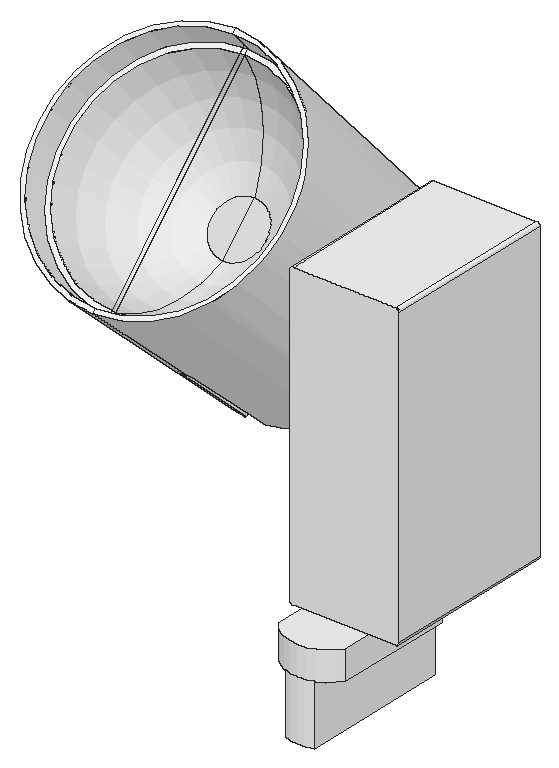
Revit family "0004936 Feilo Sylvania Lighting Fixture START TRACK SPOT L DALI 3562LM 940 WB WHT", category Lighting Fixtures, host Face, Revit 2017 (continued)
Definition of nested family "Start Track Spot Head"
  Types (96, lengths in mm): name | Wattage | built-in parameter 1150134 | Photometric Web File | Model | built-in parameter 1150105 | Lumens | built-in parameter 1150107 | built-in parameter 1150106 | HeadThickness_FEILO | HeadRibOffset_FEILO | HeadRibDepth_FEILO | HeadRibCutWidth_FEILO | HeadRibCutOffset_FEILO | HeadReflectorRadius_FEILO | HeadReflectorOffset_FEILO | HeadLEDRadius_FEILO | HeadHeight_FEILO | HeadDiffusorOffset_FEILO | HeadDiaOut_FEILO | HeadDiaIn_FEILO | HeadAxisFromTop_FEILO | Emit from Circle Diameter | built-in parameter 1150104 | Description | Apparent Load
    0004812 START TRACK SPOT S 14W 3K RA80 MB WHITE | 14 W | (empty or 0) | "0004812.ies" | "START TRACK SPOT S 14W 3K RA80 MB WHITE" | 120.32 (stored number, unit not read) | 1512 lm | 3000 (stored number, unit not read) | 1.2032 (stored number, unit not read) | 1.5 | 4.179 | 55.714 | 7.167 | 50.87 | 50.588 | 55.714 | 9.556 | 117 | 9.435 | 86 | 77.477 | 69.354 | 77.477 | 10.034 (stored number, unit not read) | "Integrated LED spotlight, Textured White - RAL9016, compact and minimalist design, ideal for retail applications, die-cast aluminium body, passive cooling heatsink. Beam angle: 36°, color temperature: 3000K , total system power: 14W, total fixture output: 1508 lm, LOR: 100%, colour rendering: Ra: 80 typical, LED Chromaticity: 3 step MacAdam ellipse, lifetime: >50000 hours at L70B50, energy class: A++, A+, A, IR/UV free light source without heat radiation, operating voltage: 220-240V / 50-60Hz, drive current: 350mA, electronic driver, non-dimmable, power factor: 0.92, electrical protection: Class II, Global Track 3 Phase adapter suitable for Global trac 3-circuit tracks, ingress protection rating: IP20, suitable for internal environment only, horizontal rotation: 355°, vertical tilt: 90°, dimensions: Ø86x140x200, weight: 0.940kg." | 14 VA
    0004811 START TRACK SPOT S 14W 3K RA80 NB WHITE | 14 W | (empty or 0) | "0004811.ies" | "START TRACK SPOT S 14W 3K RA80 NB WHITE" | 123.66 (stored number, unit not read) | 1554 lm | 3000 (stored number, unit not read) | 1.2366 (stored number, unit not read) | 1.5 | 4.179 | 55.714 | 7.167 | 50.87 | 50.588 | 55.714 | 9.556 | 117 | 9.435 | 86 | 77.477 | 69.354 | 77.477 | 10.312 (stored number, unit not read) | "Integrated LED spotlight, Textured White - RAL9016, compact and minimalist design, ideal for retail applications, die-cast aluminium body, passive cooling heatsink. Beam angle: 12°, color temperature: 3000K , total system power: 14W, total fixture output: 1551 lm, LOR: 100%, colour rendering: Ra: 80 typical, LED Chromaticity: 3 step MacAdam ellipse, lifetime: >50000 hours at L70B50, energy class: A++, A+, A, IR/UV free light source without heat radiation, operating voltage: 220-240V / 50-60Hz, drive current: 350mA, electronic driver, non-dimmable, power factor: 0.92, electrical protection: Class II, Global Track 3 Phase adapter suitable for Global trac 3-circuit tracks, ingress protection rating: IP20, suitable for internal environment only, horizontal rotation: 355°, vertical tilt: 90°, dimensions: Ø86x140x200, weight: 0.940kg." | 14 VA
  Reference planes
    plane 1 "Center (Front/Back)": y = 0
    plane 2: z = 0
    plane 3 "Center (Left/Right)": x = 0
    plane 4: x = 43
    plane 5: x = -43
    plane 6: x = -38.739
    plane 7: x = 38.739
    plane 8: z = 69.354
    plane 9: z = -47.646
    plane 10: x = -41.5
    plane 11: x = -37.239
    plane 12: z = -38.211
    plane 13: z = -35.211
    plane 14: z = 8.068
    plane 15: x = -9.556
    plane 16: x = -28.667
    plane 17: x = -19.111
    plane 18: x = -27.167
    plane 19: x = -17.611
    plane 20: x = -8.056
    plane 21: z = 13.64
    plane 22: x = -29.667
    plane 23: x = -26.167
    plane 24: x = -20.111
    plane 25: x = -16.611
    plane 26: x = -10.556
    plane 27: x = -7.056
    plane 28: x = -36.239
    plane 29: x = -40.5
    plane 30: z = 65.175
    plane 31: z = 60.997
    plane 32: z = 56.818
    plane 33: z = 18.484
    plane 34: y = -43
    plane 35: y = 43
    plane 36: y = 3.583
    plane 37: y = -3.583
    plane 38: y = -2.583
    plane 39: y = 2.583
    plane 40: y = 46
    plane 41: z = 13.5
    plane 42: z = -13.5
    plane 43: y = 39
    plane 44: x = 4.708
    plane 45: x = -2.458
    plane 46: x = -1.458
    plane 47: x = 1.458
  Forms (mm)
    Extrusion 1, solid
      sketch origin (4.2, 0, 0) x (1, 0, 0) y (0, 1, 0)
        loop
          line (-1219.2, 1219.2) -> (-1219.2, -1219.2) -> (1219.2, -1219.2) -> (1219.2, 1219.2) -> (-1219.2, 1219.2)
      from 0 to -68.017
    Revolve 2, solid, material <- "Material_1_FEILO", detail levels medium+fine
      sketch origin (0, 0, 0) x (1, 0, 0) y (0, 0, 1)
        loop
          line (-43, -47.646) -> (-41.5, -47.646) -> (-40.5, -35.211) -> (-38.739, -35.211)
          arc (-38.739, -35.211) -> (-30.16, -9.517) -> (-9.556, 8.068) r 50.588
          line (-9.556, 8.068) -> (0, 8.068) -> (0, 13.64) -> (-16.611, 13.64) -> (-17.611, 60.997) -> (-19.111, 60.997) -> (-20.111, 13.64) -> (-36.239, 13.64) -> (-37.239, 69.354) -> (-38.739, 69.354) -> (-43, -47.646)
        axis (0, 69.354) -> (0, -47.646)
      angle from 360 to 0
    Extrusion 3, void
      sketch origin (0, 0, 0) x (0, 1, 0) y (0, 0, 1)
        loop
          line (-3.583, 69.354) -> (-2.583, 18.484) -> (1.932, 18.484) -> (2.932, 69.354) -> (-3.583, 69.354)
      from 43 to -43
    Revolve 4, solid, material <- "Material_2_FEILO", detail levels medium+fine
      sketch origin (0, 0, 0) x (1, 0, 0) y (0, 0, 1)
        loop
          line (-41.5, -38.211) -> (0, -38.211) -> (0, -35.211) -> (-41.5, -35.211) -> (-41.5, -38.211)
        axis (0, -35.211) -> (0, -38.211)
      angle from 360 to 0
    Revolve 5, solid, material <- "Material_1_FEILO"
      sketch origin (0, 0, 0) x (0, 1, 0) y (0, 0, 1)
        loop
          line (46, 0) -> (39, 0) -> (39, -13.5) -> (46, -13.5) -> (46, 0)
        axis (39, 0) -> (46, 0)
      angle from 360 to 0
    Revolve 6, solid, material <- "Material_1_FEILO", detail levels medium+fine
      sketch origin (0, 0, 0) x (1, 0, 0) y (0, 0, 1)
        loop
          line (-29.667, 13.64) -> (-26.167, 13.64) -> (-27.167, 65.175) -> (-28.667, 65.175) -> (-29.667, 13.64)
        loop
          line (-10.556, 13.64) -> (-7.056, 13.64) -> (-7.833, 56.818) -> (-9.778, 56.818) -> (-10.556, 13.64)
        axis (0, 65.175) -> (0, 13.64)
      angle from 360 to 0
    Extrusion 7, void
      sketch origin (0, 0, 0) x (1, 0, 0) y (0, 0, 1)
        loop
          line (4.708, 69.354) -> (-2.458, 69.354) -> (-1.458, 13.64) -> (1.458, 13.64) -> (4.708, 69.354)
      from -43 to 43
    Revolve 8, solid, material <- "Material_1_FEILO", detail levels coarse
      sketch origin (0, 0, 0) x (1, 0, 0) y (0, 0, 1)
        loop
          line (0, 69.354) -> (-38.739, 69.354) -> (-43, -47.646) -> (-41.5, -47.646) -> (-40.731, -38.211) -> (0, -38.211) -> (0, 69.354)
        axis (0, 69.354) -> (0, -47.646)
      angle from 360 to 0
  Cuts and joins
    Extrusion 3 cuts Revolve 2
    Extrusion 7 cuts Revolve 6
  Dimensions and locks
    equal spacing: plane 7, plane 3 "Center (Left/Right)", plane 6
    equal spacing: plane 4, plane 3 "Center (Left/Right)", plane 5
    "HeadDiaOut_FEILO": plane 4 to plane 5
    "HeadDiaIn_FEILO": plane 7 to plane 6
    "HeadHeight_FEILO": plane 8 to plane 9
    "HeadThickness_FEILO": plane 10 to plane 5
    "HeadThickness_FEILO": plane 11 to plane 6
    "HeadDiffusorOffset_FEILO": plane 12 to plane 9
    "HeadDiffusorThickness_FEILO": plane 13 to plane 12
    "HeadReflectorOffset_FEILO": plane 14 to plane 9
    "HeadLEDRadius_FEILO": plane 3 "Center (Left/Right)" to plane 15
    "HeadLEDRadius_FEILO": plane 15 to plane 17
    "HeadLEDRadius_FEILO": plane 17 to plane 16
    "HeadThickness_FEILO": plane 18 to plane 16
    "HeadThickness_FEILO": plane 19 to plane 17
    "HeadThickness_FEILO": plane 20 to plane 15
    "HeadRibDepth_FEILO": plane 8 to plane 21
    "HeadDraft_FEILO": plane 16 to plane 22
    "HeadDraft_FEILO": plane 23 to plane 18
    "HeadDraft_FEILO": plane 17 to plane 24
    "HeadDraft_FEILO": plane 25 to plane 19
    "HeadDraft_FEILO": plane 15 to plane 26
    "HeadDraft_FEILO": plane 27 to plane 20
    "HeadDraft_FEILO": plane 29 to plane 10
    "HeadDraft_FEILO": plane 28 to plane 11
    "HeadRibOffset_FEILO": plane 8 to plane 30
    "HeadRibOffset_FEILO": plane 30 to plane 31
    "HeadRibOffset_FEILO": plane 31 to plane 32
    "HeadAxisFromTop_FEILO": plane 8 to plane 2
    "HeadRibCutOffset_FEILO": plane 8 to plane 33
    equal spacing: plane 34, plane 1 "Center (Front/Back)", plane 35
    "HeadDiaOut_FEILO": plane 34 to plane 35
    equal spacing: plane 38, plane 1 "Center (Front/Back)", plane 39
    equal spacing: plane 37, plane 1 "Center (Front/Back)", plane 36
    "HeadRibCutWidth_FEILO": plane 37 to plane 36
    "HeadDraft_FEILO": plane 37 to plane 38
    locked: plane 35 to plane 40 at 3
    equal spacing: plane 41, plane 2, plane 42
    locked: plane 42 to plane 41 at 27
    locked: plane 43 to plane 35 at 4
    equal spacing: plane 45, imposter light, plane 44
    "HeadDraft_FEILO": plane 46 to plane 45
    "HeadRibCutWidth_FEILO": plane 44 to plane 45
    equal spacing: plane 47, plane 3 "Center (Left/Right)", plane 46
    "HeadReflectorRadius_FEILO": radius of Revolve 2 sketch curve
    aligned and locked: plane 2 to Extrusion 1
    aligned and locked: level to Extrusion 1
    aligned and locked: Revolve 2 sketch curve to plane 3 "Center (Left/Right)"  (x2)
    aligned and locked: plane 9 to Revolve 2 sketch curve  (x2)
    aligned and locked: plane 5 to Revolve 2 sketch curve
    aligned and locked: plane 10 to Revolve 2 sketch curve
    aligned and locked: plane 14 to Revolve 2 sketch curve
    aligned and locked: plane 8 to Revolve 2 sketch curve
    aligned and locked: Revolve 2 sketch curve to plane 13
    aligned and locked: plane 12 to Revolve 4 sketch curve
    aligned and locked: plane 3 "Center (Left/Right)" to Revolve 4 sketch curve
    aligned and locked: Revolve 4 sketch curve to plane 10
    aligned and locked: Revolve 4 sketch curve to plane 3 "Center (Left/Right)"
    aligned and locked: plane 12 to imposter light
    aligned and locked: imposter light to plane 1 "Center (Front/Back)"
    aligned and locked: Revolve 5 sketch curve to plane 2
    aligned and locked: plane 43 to Revolve 5 sketch curve
    aligned and locked: plane 42 to Revolve 5 sketch curve
    aligned and locked: Revolve 6 sketch curve to plane 3 "Center (Left/Right)"
    aligned and locked: plane 22 to Revolve 6 sketch curve
    aligned and locked: plane 30 to Revolve 6 sketch curve
    aligned and locked: plane 23 to Revolve 6 sketch curve
    aligned and locked: Revolve 6 sketch curve to plane 21  (x2)
    aligned and locked: plane 21 to Revolve 6 sketch curve
    aligned and locked: plane 17 to Revolve 2 sketch curve
    aligned and locked: plane 19 to Revolve 2 sketch curve
    aligned and locked: plane 31 to Revolve 2 sketch curve
    aligned and locked: plane 21 to Revolve 2 sketch curve
    aligned and locked: Extrusion 3 to plane 8
    aligned and locked: plane 33 to Extrusion 3
    aligned and locked: plane 8 to Extrusion 3 sketch curve
    aligned and locked: Extrusion 3 sketch curve to plane 33
    aligned and locked: Extrusion 3 to plane 5
    aligned and locked: plane 4 to Extrusion 3
    aligned and locked: plane 32 to Revolve 6 sketch curve
    aligned and locked: plane 44 to Extrusion 7 sketch curve
    aligned and locked: Extrusion 7 sketch curve to plane 8
    aligned and locked: plane 46 to Extrusion 7 sketch curve
    aligned and locked: plane 21 to Extrusion 7 sketch curve
    aligned and locked: plane 34 to Extrusion 7
    aligned and locked: Extrusion 7 to plane 35
    aligned and locked: Revolve 4 sketch curve to plane 13
    aligned and locked: Revolve 5 sketch curve to plane 40
    aligned and locked: Revolve 8 sketch curve to plane 3 "Center (Left/Right)"
    aligned and locked: Revolve 8 sketch curve to cut or joined group of Revolve 2, Extrusion 3  (x3)
    aligned and locked: plane 5 to Revolve 8 sketch curve
    aligned and locked: plane 3 "Center (Left/Right)" to Revolve 8 sketch curve
    aligned and locked: plane 12 to Revolve 8 sketch curve
  Automatic sketch dimensions
    Extrusion 1 sketch curve to Extrusion 1 sketch curve = 2438.4 mm  (x2)
    Extrusion 3 sketch curve to plane 37 = 0 mm
    Extrusion 3 sketch curve to plane 38 = 0 mm
    plane 39 to Extrusion 3 sketch curve = 0.651 mm
    Extrusion 3 sketch curve to plane 39 = 0.349 mm
    Revolve 6 sketch curve to plane 16 = 0 mm
    Revolve 6 sketch curve to plane 18 = 0 mm
    Revolve 6 sketch curve to plane 26 = 0 mm
    Revolve 6 sketch curve to plane 27 = 0 mm
    Revolve 6 sketch curve to plane 15 = 0.222 mm
    plane 9 to Revolve 6 sketch curve = 559.103 mm
    Revolve 6 sketch curve to plane 8 = 2535.555 mm
    plane 20 to Revolve 6 sketch curve = 0.222 mm
    Revolve 2 sketch curve to plane 29 = 0 mm
    Revolve 2 sketch curve to plane 6 = 0 mm  (x2)
    Revolve 2 sketch curve to plane 11 = 0 mm
    Revolve 2 sketch curve to plane 21 = 0 mm
    Revolve 2 sketch curve to plane 28 = 0 mm
    Revolve 2 sketch curve to plane 24 = 0 mm
    Revolve 2 sketch curve to plane 25 = 0 mm
    Revolve 2 sketch curve to plane 15 = 0 mm
    Revolve 2 sketch curve to Revolve 2 sketch curve = 557.155 mm
    Revolve 2 sketch curve to plane 8 = 2535.558 mm
    Extrusion 7 sketch curve to plane 45 = 0 mm
    Extrusion 7 sketch curve to plane 47 = 0 mm
    plane 9 to Revolve 4 sketch curve = 559.103 mm
    Revolve 4 sketch curve to plane 8 = 2535.555 mm
    Revolve 5 sketch curve to level = 0 mm
    plane 34 to Revolve 5 sketch curve = 1968.092 mm
    Revolve 5 sketch curve to plane 40 = 1405.763 mm
    Revolve 8 sketch curve to plane 6 = 0 mm
    Revolve 8 sketch curve to plane 29 = 0.231 mm
    plane 9 to Revolve 8 sketch curve = 559.103 mm
    Revolve 8 sketch curve to Revolve 8 sketch curve = 2535.555 mm
Definition of nested family "Start Track Spot Box"
  Parameters (values of type "Type Large White")
    URL = "http://www.feilosylvania.com"
    Type Image = (empty or 0)
    Type Comments = "n/a"
    Small_FEILO = no
    Material_3_FEILO = none
    Model = ""
    Manufacturer = "Feilo Sylvania"
    Keynote = ""
    Material_2_FEILO = none
    Description = ""
    Default Elevation = 1219.2 mm
    Cost = 0
    Material_1_FEILO = none
    BoxWidth_FEILO = 49 mm
    BoxStartAngle_FEILO [instance] = 0.00°
    BoxRadius_FEILO = 1.5 mm
    BoxHeight_FEILO = if(Small_FEILO, 112 mm, 136 mm)  # 136 mm
    BoxEndAngle_FEILO [instance] = BoxStartAngle_FEILO - 180.00°  # -180.00°
    BoxDepth_FEILO = if(Small_FEILO, 71.5 mm, 79 mm)  # 79 mm
    BoxAxisVerticalOffset_FEILO = 16 mm
    BoxAxisOffset_FEILO = BoxHeight_FEILO / 6.8  # 20 mm
    Assembly Code = ""
    Material_4_FEILO = none
  Types (4, lengths in mm): name | Small_FEILO | BoxHeight_FEILO | BoxDepth_FEILO | BoxAxisOffset_FEILO
    Type Large White | no | 136 | 79 | 20
    Type Small White | yes | 112 | 71.5 | 16.471
    Type Small Black | yes | 112 | 71.5 | 16.471
    Type Large Black | no | 136 | 79 | 20
  Reference planes
    plane 1 "Center (Front/Back)": y = 0
    plane 2: z = 0
    plane 3 "Center (Left/Right)": x = 0
    plane 4: x = 24.5
    plane 5: x = -24.5
    plane 6: y = 68
    plane 7: y = -68
    plane 8: z = 39.5
    plane 9: z = -39.5
    plane 10: y = -48
    plane 11: x = 30.5
    plane 12: x = 8.5
    plane 13: x = 21.5
    plane 14: y = 70
    plane 15: y = 72
    plane 16: x = 19.5
  Forms (mm)
    Extrusion 1, solid
      sketch origin (4.2, 0, 0) x (1, 0, 0) y (0, 1, 0)
        loop
          line (-1219.2, 1219.2) -> (-1219.2, -1219.2) -> (1219.2, -1219.2) -> (1219.2, 1219.2) -> (-1219.2, 1219.2)
      from 0 to -68.017
    Extrusion 2, solid, material <- "Material_1_FEILO"
      sketch origin (0, 0, 0) x (1, 0, 0) y (0, 1, 0)
        loop
          arc (-23, 68) -> (-24.061, 67.561) -> (-24.5, 66.5) r 1.5
          line (-24.5, 66.5) -> (-24.5, -66.5)
          arc (-24.5, -66.5) -> (-24.061, -67.561) -> (-23, -68) r 1.5
          line (-23, -68) -> (23, -68)
          arc (23, -68) -> (24.061, -67.561) -> (24.5, -66.5) r 1.5
          line (24.5, -66.5) -> (24.5, 66.5)
          arc (24.5, 66.5) -> (24.061, 67.561) -> (23, 68) r 1.5
          line (23, 68) -> (-23, 68)
      from -39.5 to 39.5
    Revolve 3, solid, not visible
      sketch origin (0, 0, 0) x (1, 0, 0) y (0, 1, 0)
        loop
          line (30.5, -48) -> (24.5, -48) -> (24.5, -68) -> (30.5, -68) -> (30.5, -48)
        axis (30.5, -48) -> (24.5, -48)
      angle from 0 <- "BoxStartAngle_FEILO" to -180 <- "BoxEndAngle_FEILO"
    Revolve 4, solid, material <- "Material_2_FEILO"
      sketch origin (0, 0, 0) x (1, 0, 0) y (0, 1, 0)
        loop
          line (8.5, 68) -> (19.5, 68) -> (19.5, 70) -> (21.5, 70) -> (21.5, 72) -> (8.5, 72) -> (8.5, 68)
        axis (8.5, 72) -> (8.5, 68)
      angle from 360 to 0
  Dimensions and locks
    equal spacing: plane 5, plane 3 "Center (Left/Right)", plane 4
    "BoxWidth_FEILO": plane 5 to plane 4
    equal spacing: plane 7, plane 1 "Center (Front/Back)", plane 6
    "BoxHeight_FEILO": plane 7 to plane 6
    equal spacing: plane 8, plane 2, plane 9
    "BoxDepth_FEILO": plane 8 to plane 9
    "BoxAxisOffset_FEILO": plane 7 to plane 10
    locked: plane 4 to plane 11 at 6
    "BoxAxisVerticalOffset_FEILO": plane 12 to plane 4
    locked: plane 12 to plane 13 at 13
    plane 6 to plane 14 to plane 15 = 2 mm locked, 2 mm locked
    locked: plane 12 to plane 16 at 11
    "BoxRadius_FEILO": radius of Extrusion 2 sketch curve  (x4)
    aligned and locked: plane 2 to Extrusion 1
    aligned and locked: level to Extrusion 1
    aligned and locked: plane 6 to Extrusion 2 sketch curve
    aligned and locked: plane 5 to Extrusion 2 sketch curve
    aligned and locked: Extrusion 2 sketch curve to plane 7
    aligned and locked: Extrusion 2 sketch curve to plane 4
    aligned and locked: Extrusion 2 to plane 8
    aligned and locked: plane 9 to Extrusion 2
    aligned and locked: Revolve 3 sketch curve to plane 10  (x2)
    aligned and locked: plane 11 to Revolve 3 sketch curve
    aligned and locked: Revolve 3 sketch curve to plane 4
    aligned and locked: plane 7 to Revolve 3 sketch curve
    aligned and locked: Revolve 4 sketch curve to plane 12
    aligned and locked: plane 6 to Revolve 4 sketch curve
    aligned and locked: plane 12 to Revolve 4 sketch curve
    aligned and locked: plane 15 to Revolve 4 sketch curve
    aligned and locked: Revolve 4 sketch curve to plane 13
    aligned and locked: Revolve 4 sketch curve to plane 14
    aligned and locked: Revolve 4 sketch curve to plane 16
    aligned and locked: Revolve 4 sketch curve to plane 6
  Automatic sketch dimensions
    Extrusion 1 sketch curve to Extrusion 1 sketch curve = 2438.4 mm  (x2)
    Revolve 3 sketch curve to plane 5 = 1499.5 mm
    plane 11 to Revolve 3 sketch curve = 1493.5 mm
    plane 15 to Revolve 4 sketch curve = 0 mm
    plane 7 to Revolve 4 sketch curve = 1456 mm
    Revolve 4 sketch curve to plane 15 = 1452 mm
